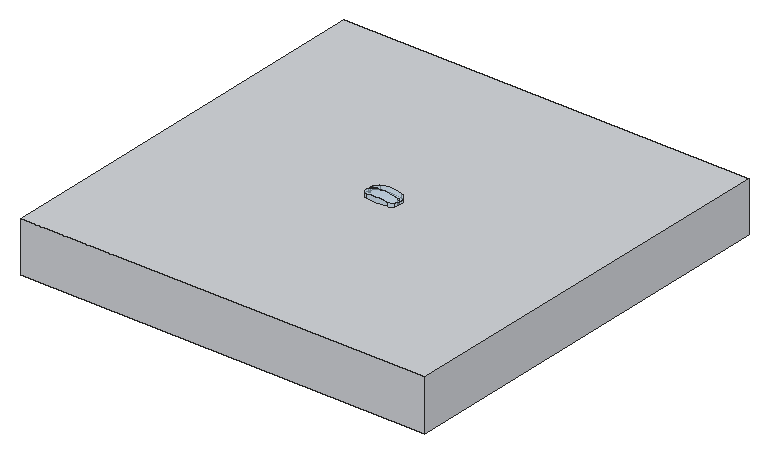
Revit family "GALAD Блистер LED", category Осветительные приборы, Revit 2018 (continued)
Types (3, lengths in mm): name | Файл фотометрической сетки | built-in parameter 1150142 | Материал рассеивателя | Материал корпуса | URL | IP | ADSK_Наименование краткое | ADSK_Наименование | ADSK_Марка | ADSK_Код изделия
    04 6.62 6.20 5.92 5.49 5.07 4.51 3.95 3.10 1.55 0.14 0.00 0.14 \r\n287.28 286.72 286.58 285.74 284.19 281.93 279.39 276.30 272.49 268.26 263.61 258.54 252.91 246.85 239.94 232.62 224.73 216.56 207.68 198.52 188.94 179.08 169.21 158.51 147.66 136.95 126.24 115.67 105.25 95.25 85.81 76.79 68.33 60.73 53.82 47.34 41.70 36.63 32.12 28.32 25.08 22.40 19.87 16.63 12.82 9.58 7.89 8.59 10.00 10.71 10.57 10.57 10.29 9.86 9.44 9.02 8.59 8.31 7.89 7.47 7.04 6.62 6.34 5.92 5.49 5.07 4.51 3.95 3.10 1.69 0.28 0.00 0.14 \r\n287.28 286.72 286.58 285.74 284.19 281.93 279.39 276.30 272.49 268.26 263.47 258.40 252.34 245.72 238.96 232.05 223.88 215.71 207.40 198.38 188.94 178.94 168.65 158.08 147.66 136.95 126.10 115.39 105.11 95.25 85.66 76.79 68.62 60.87 53.82 47.48 41.70 36.63 32.26 28.32 25.22 22.54 19.87 16.34 12.68 9.86 8.31 8.59 10.00 10.99 10.85 10.71 10.57 10.14 9.58 9.30 8.88 8.45 8.03 7.61 7.19 6.76 6.34 5.92 5.64 5.07 4.51 3.95 3.24 1.83 0.28 0.00 0.14 \r\n287.28 286.72 286.58 285.74 284.19 281.93 279.54 276.30 272.77 268.69 263.90 258.40 252.48 246.43 239.38 232.05 224.30 215.85 206.83 197.96 188.80 178.94 168.65 158.37 147.66 136.81 126.10 115.53 105.25 95.10 85.66 76.93 68.76 61.01 54.10 47.62 41.99 36.91 32.41 28.60 25.36 22.82 20.15 17.05 13.10 9.58 7.89 8.31 10.14 11.13 10.99 10.85 10.71 10.29 9.72 9.44 8.88 8.45 8.17 7.75 7.19 6.76 6.34 5.92 5.64 5.07 4.51 3.95 3.24 1.83 0.42 0.00 0.14 \r\n287.28 286.72 286.58 285.74 284.19 282.07 279.54 276.15 272.49 268.26 263.47 258.26 252.34 245.72 239.10 231.91 223.88 215.71 206.97 197.82 188.24 178.23 168.09 157.66 147.09 136.25 125.54 114.97 104.54 94.54 85.10 76.22 67.91 60.44 53.40 47.06 41.42 36.35 31.98 28.32 25.22 22.54 19.73 16.34 12.54 9.72 8.03 8.59 10.85 11.55 11.41 11.13 10.85 10.29 9.86 9.44 9.02 8.45 8.03 7.61 7.19 6.76 6.48 6.06 5.64 5.07 4.51 3.95 3.38 1.97 0.42 0.00 0.14 \r\n287.28 286.72 286.58 285.59 284.19 282.07 279.39 276.15 272.35 268.26 263.47 257.98 252.20 245.72 238.96 231.35 223.74 215.29 206.55 197.53 187.95 177.95 167.81 157.38 146.81 135.82 124.97 114.55 103.98 94.12 84.82 75.94 67.77 60.16 53.12 46.78 41.14 36.21 31.84 28.04 24.94 22.26 19.73 16.63 12.82 9.72 8.17 8.88 11.13 11.69 11.55 11.27 10.99 10.43 10.00 9.44 9.02 8.45 8.03 7.61 7.19 6.90 6.48 6.06 5.64 5.07 4.51 3.95 3.38 2.11 0.56 0.00 0.14 \r\n287.28 286.72 286.58 285.59 284.19 281.93 279.25 276.30 272.77 268.26 263.61 258.40 252.34 246.28 239.52 232.20 224.30 215.85 207.12 197.68 187.95 177.95 167.67 157.10 146.25 135.54 124.97 114.41 103.84 93.84 84.40 75.52 67.35 59.88 52.98 46.64 41.00 36.07 31.70 28.04 24.94 22.12 19.30 16.06 12.68 10.14 8.45 9.02 11.27 11.69 11.41 11.27 10.85 10.43 10.00 9.58 9.02 8.59 8.17 7.61 7.19 6.76 6.48 6.06 5.64 5.07 4.51 3.95 3.38 2.25 0.70 0.00 0.14 \r\n287.28 286.72 286.58 285.59 284.19 281.93 279.39 276.30 272.91 268.69 264.18 258.82 252.77 246.14 238.96 231.63 223.88 215.57 206.69 197.39 187.53 177.67 167.24 156.68 146.11 135.26 124.41 113.70 103.42 93.55 84.26 75.52 67.21 59.74 52.84 46.50 40.86 35.79 31.42 27.76 24.66 22.12 19.44 16.48 12.82 9.72 8.74 9.72 11.69 11.69 11.41 11.27 10.99 10.43 10.00 9.44 8.88 8.45 8.03 7.61 7.19 6.76 6.34 5.92 5.64 5.07 4.51 3.95 3.38 2.40 0.85 0.00 0.14 \r\n287.28 286.72 286.58 285.59 284.19 282.21 279.82 276.72 272.91 268.69 264.18 258.82 252.77 246.00 238.82 231.77 223.88 215.15 206.41 197.25 187.67 177.67 167.38 156.82 145.97 134.98 124.41 113.70 103.42 93.27 83.83 75.10 66.93 59.32 52.27 46.07 40.44 35.51 31.28 27.47 24.52 21.98 19.44 16.63 13.39 10.57 9.30 10.29 11.98 11.84 11.55 11.27 10.99 10.43 9.86 9.44 8.88 8.45 8.03 7.61 7.19 6.76 6.34 5.92 5.49 5.07 4.51 3.95 3.52 2.40 0.99 0.00 0.14 \r\n287.28 286.72 286.58 285.59 284.33 282.49 280.10 277.00 273.05 268.69 263.76 258.40 252.34 246.00 239.10 231.35 223.46 215.01 205.99 196.69 187.11 176.96 166.82 156.11 145.54 134.84 123.85 113.28 102.85 92.85 83.27 74.53 66.50 58.89 51.99 45.79 40.16 35.22 30.86 27.19 24.23 21.70 19.16 16.34 13.53 11.27 10.43 11.27 12.54 12.12 11.69 11.41 10.99 10.43 9.86 9.30 8.88 8.45 8.03 7.47 7.04 6.76 6.34 5.92 5.49 5.07 4.51 3.95 3.52 2.54 1.13 0.00 0.14 \r\n287.28 286.72 286.58 285.74 284.47 282.64 280.10 277.00 273.05 268.55 263.61 257.98 251.92 245.30 238.25 230.93 222.90 214.44 205.57 196.27 186.69 176.68 166.12 155.69 145.12 133.99 123.28 112.72 102.29 92.29 83.13 74.11 65.94 58.33 51.43 45.09 39.59 34.80 30.43 26.91 23.95 21.42 19.16 16.63 13.81 11.55 10.99 11.69 12.40 12.12 11.69 11.41 10.99 10.43 9.86 9.30 8.74 8.31 7.89 7.47 7.04 6.76 6.34 5.92 5.49 5.07 4.51 3.95 3.52 2.68 1.27 0.14 0.14 \r\n287.28 286.72 286.58 285.88 284.61 282.78 279.96 276.72 273.05 268.41 263.47 257.70 251.64 245.16 238.11 230.65 222.47 213.88 205.57 196.41 186.40 176.26 165.69 155.13 144.42 133.43 122.86 112.01 101.59 91.72 82.28 73.55 65.38 57.91 51.00 44.66 39.17 34.24 30.01 26.49 23.53 20.99 18.60 16.06 13.53 11.84 11.55 12.26 12.68 12.26 11.84 11.55 10.99 10.29 9.72 9.16 8.74 8.31 7.89 7.47 7.04 6.62 6.34 5.92 5.49 4.93 4.51 3.95 3.52 2.82 1.27 0.14 0.14 \r\n287.28 286.72 286.58 286.02 284.75 282.78 279.82 276.58 272.91 268.12 263.05 257.56 251.36 244.73 237.83 230.22 222.19 213.60 204.72 195.70 185.70 175.56 165.55 154.84 143.85 133.15 122.44 111.59 101.02 91.16 81.72 72.84 64.67 57.20 50.30 44.10 38.46 33.67 29.45 25.92 23.11 20.71 18.32 16.06 13.81 12.40 12.26 12.68 12.54 12.12 11.69 11.41 10.85 10.14 9.58 9.02 8.45 8.17 7.75 7.33 7.04 6.62 6.34 5.92 5.49 4.93 4.37 3.95 3.52 2.82 1.41 0.14 0.14 \r\n287.28 286.58 286.58 286.02 284.89 282.78 279.68 276.30 272.49 267.84 262.77 257.27 251.22 244.88 237.83 230.08 221.91 213.32 204.30 194.86 185.14 175.41 164.85 154.14 143.43 132.44 121.59 111.03 100.60 90.60 81.16 72.42 64.25 56.64 49.74 43.54 38.04 33.25 29.02 25.50 22.68 20.29 18.18 15.92 13.95 12.68 12.54 12.96 12.68 12.12 11.69 11.27 10.71 10.14 9.58 8.88 8.45 8.03 7.75 7.33 6.90 6.62 6.20 5.92 5.35 4.93 4.37 3.95 3.52 2.96 1.55 0.28 0.14 \r\n287.28 286.58 286.72 286.16 284.75 282.49 279.54 276.15 271.93 267.56 262.49 256.85 250.79 244.31 237.27 229.66 221.35 212.89 204.16 194.86 185.14 175.13 164.71 153.86 143.01 132.02 121.03 110.32 100.04 89.89 80.45 71.72 63.40 55.65 48.89 42.69 37.20 32.41 28.32 24.94 22.12 19.87 17.75 15.78 14.37 13.53 13.39 13.24 12.68 11.98 11.55 11.13 10.43 9.86 9.30 8.74 8.31 7.89 7.61 7.19 6.90 6.48 6.20 5.78 5.35 4.93 4.37 3.95 3.52 2.96 1.69 0.28 0.14 \r\n287.28 286.58 286.72 286.16 284.61 282.21 279.39 275.87 271.79 267.28 262.21 256.85 250.51 243.89 236.99 229.10 221.21 212.75 203.73 194.44 184.43 174.29 163.86 153.15 142.59 131.60 120.75 109.90 99.33 89.33 79.89 70.87 62.70 55.23 48.47 42.27 36.63 31.98 27.90 24.52 21.70 19.44 17.61 15.92 14.51 13.67 13.53 13.39 12.68 11.98 11.41 10.71 10.14 9.44 8.88 8.45 8.03 7.75 7.47 7.19 6.76 6.48 6.20 5.78 5.35 4.79 4.37 3.80 3.52 3.10 1.83 0.42 0.14 \r\n287.28 286.58 286.72 286.16 284.33 281.93 279.11 275.73 271.79 267.28 262.06 256.57 250.37 243.47 236.28 229.10 220.78 212.05 203.17 193.59 183.87 174.01 163.58 152.73 141.88 130.75 119.62 109.19 98.63 88.62 78.90 70.02 61.85 54.39 47.34 41.14 35.79 31.14 27.05 23.81 21.13 19.02 17.33 15.78 14.65 14.09 13.95 13.67 12.96 12.26 11.41 10.57 9.72 9.02 8.45 8.03 7.75 7.47 7.19 6.90 6.62 6.34 6.06 5.64 5.21 4.79 4.37 3.80 3.52 3.10 1.97 0.42 0.14 \r\n287.28 286.58 286.86 286.16 284.33 281.79 278.97 275.73 271.65 267.28 261.92 256.15 250.09 243.33 236.14 228.67 220.64 212.05 202.75 193.45 183.59 173.44 163.02 152.31 141.46 130.47 119.34 108.49 98.06 87.92 78.34 69.60 61.29 53.68 46.78 40.58 35.22 30.57 26.63 23.25 20.71 18.46 16.91 15.64 14.65 14.09 14.09 13.53 12.82 11.98 11.27 10.29 9.44 8.59 8.03 7.61 7.47 7.19 7.04 6.76 6.48 6.34 5.92 5.64 5.21 4.79 4.23 3.80 3.52 3.10 1.97 0.56 0.14 \r\n287.28 286.58 286.86 286.30 284.33 281.79 278.83 275.59 271.50 266.86 261.64 255.87 249.67 243.04 235.86 228.25 220.08 211.48 202.33 192.74 183.02 172.88 162.31 151.60 140.75 129.91 118.77 107.78 97.22 87.21 77.63 68.47 60.30 52.69 45.65 39.59 34.24 29.59 25.78 22.54 20.01 18.03 16.48 15.36 14.51 14.23 14.09 13.53 12.82 11.98 11.27 10.29 9.30 8.31 7.75 7.33 7.04 6.90 6.76 6.62 6.34 6.20 5.92 5.49 5.07 4.65 4.23 3.80 3.52 3.24 2.11 0.56 0.14 \r\n287.28 286.58 287.00 286.30 284.33 281.79 278.69 275.31 271.22 266.57 261.50 255.58 249.67 242.76 235.15 227.69 219.37 210.78 201.90 192.60 182.60 172.31 161.89 151.04 139.91 128.92 117.93 106.94 96.65 86.37 76.79 67.91 59.60 51.85 45.09 39.03 33.67 29.02 25.08 21.98 19.44 17.47 15.92 14.93 14.37 14.23 14.23 13.39 12.54 11.84 10.85 9.86 8.88 7.89 7.33 6.90 6.62 6.48 6.34 6.34 6.20 5.92 5.78 5.35 5.07 4.65 4.23 3.80 3.52 3.24 2.25 0.70 0.14 \r\n287.28 286.58 287.00 286.30 284.19 281.65 278.41 275.03 270.94 266.29 261.08 255.30 249.10 242.48 235.01 227.26 218.95 210.50 201.34 191.76 182.04 171.75 161.32 150.62 139.77 128.50 117.37 106.52 95.67 85.52 75.80 66.78 58.61 50.86 43.96 37.90 32.55 28.04 24.23 21.13 18.74 16.77 15.36 14.51 14.09 14.23 13.95 13.24 12.54 11.69 10.71 9.72 8.59 7.75 6.90 6.62 6.34 6.20 6.06 6.06 5.92 5.78 5.49 5.21 4.93 4.65 4.23 3.80 3.52 3.24 2.25 0.70 0.14 \r\n287.28 286.72 287.00 286.16 284.04 281.51 278.27 274.89 270.80 266.01 260.80 254.88 248.54 242.06 234.73 226.98 218.67 210.22 200.78 191.05 181.33 171.33 160.62 149.77 138.64 127.79 116.66 105.67 95.10 84.82 75.10 66.08 57.63 50.02 43.11 36.91 31.70 27.19 23.53 20.43 18.03 16.20 14.79 14.09 13.95 14.09 13.67 12.96 12.12 11.27 10.29 9.16 8.17 7.33 6.76 6.34 6.06 5.78 5.78 5.64 5.64 5.64 5.35 5.07 4.79 4.51 4.09 3.80 3.52 3.38 2.40 0.70 0.14 \r\n287.28 286.72 287.14 286.02 284.04 281.37 278.27 274.75 270.66 265.87 260.66 254.60 248.40 241.35 234.17 226.42 218.11 209.51 200.35 190.77 180.77 170.76 160.06 149.07 137.94 126.95 115.67 104.83 94.26 83.97 74.25 65.09 56.64 48.89 41.99 35.93 30.72 26.35 22.68 19.73 17.33 15.50 14.23 13.67 13.67 13.81 13.39 12.54 11.69 10.85 9.86 8.74 7.89 7.04 6.48 6.06 5.64 5.49 5.35 5.35 5.35 5.35 5.21 4.93 4.65 4.37 4.09 3.80 3.66 3.38 2.54 0.85 0.14 \r\n287.28 286.72 287.14 285.88 283.90 281.37 278.13 274.60 270.52 265.59 260.51 254.60 248.26 241.21 233.89 226.14 217.82 208.95 199.93 190.49 180.06 169.92 159.63 148.79 137.65 126.52 115.39 104.26 93.55 83.27 73.41 64.25 55.94 48.19 41.28 35.22 30.01 25.50 21.98 19.02 16.63 14.79 13.67 13.10 13.39 13.39 12.96 12.40 11.55 10.43 9.44 8.31 7.47 6.76 6.34 5.78 5.35 5.07 5.07 5.07 5.07 5.07 4.93 4.79 4.65 4.37 4.09 3.80 3.66 3.38 2.54 0.85 0.14 \r\n287.28 286.72 287.14 285.88 283.90 281.23 277.99 274.46 270.24 265.31 260.09 254.46 247.98 241.07 233.89 226.28 217.68 208.81 199.65 190.07 180.06 169.92 159.35 148.36 137.23 126.10 114.83 103.70 92.99 82.56 72.56 63.40 54.95 47.06 40.16 34.10 29.02 24.66 20.99 18.18 15.92 14.23 13.10 12.82 13.10 12.96 12.54 11.84 10.99 10.00 8.88 7.89 7.04 6.48 6.06 5.49 5.07 4.79 4.79 4.79 4.79 4.79 4.79 4.65 4.51 4.23 4.09 3.80 3.66 3.38 2.68 0.99 0.14 \r\n287.28 286.72 287.00 285.74 283.90 281.09 277.85 274.32 270.10 265.31 259.95 254.17 247.55 240.65 233.60 225.85 217.26 208.38 199.23 189.50 179.64 169.36 158.65 147.80 136.67 125.40 114.27 102.99 92.15 81.72 71.72 62.56 53.96 46.35 39.17 33.25 28.04 23.81 20.29 17.47 15.22 13.53 12.54 12.54 12.68 12.40 11.84 11.27 10.29 9.30 8.31 7.47 6.76 6.34 5.78 5.35 4.93 4.51 4.37 4.37 4.51 4.51 4.51 4.51 4.37 4.23 4.09 3.80 3.66 3.38 2.68 0.99 0.14 \r\n287.28 286.86 287.00 285.74 283.76 280.80 277.56 274.18 270.10 265.16 259.67 253.89 247.41 240.51 233.18 225.01 216.56 207.68 198.66 188.94 178.94 168.51 157.94 146.67 135.96 124.55 113.00 102.01 91.02 80.73 70.59 61.29 52.69 45.09 38.04 32.12 27.05 22.82 19.30 16.63 14.37 12.82 12.12 12.26 12.12 11.84 11.27 10.57 9.72 8.59 7.75 7.04 6.48 5.92 5.49 5.07 4.65 4.23 4.09 4.09 4.09 4.23 4.37 4.23 4.23 4.09 4.09 3.95 3.66 3.38 2.82 0.99 0.14 \r\n287.28 286.86 287.00 285.74 283.62 280.80 277.56 274.04 269.81 264.88 259.39 253.47 247.13 240.23 232.62 224.59 216.13 207.26 198.24 188.52 178.37 167.95 157.24 146.39 135.26 123.99 112.58 101.59 90.60 79.89 70.02 60.58 52.13 44.24 37.34 31.28 26.21 21.98 18.46 15.78 13.53 11.98 11.55 11.69 11.69 11.27 10.57 9.86 8.88 8.03 7.19 6.62 6.20 5.64 5.21 4.79 4.37 3.95 3.80 3.80 3.80 3.95 4.09 4.09 4.09 4.09 3.95 3.95 3.66 3.52 2.82 1.13 0.14 \r\n287.28 286.86 287.00 285.74 283.62 280.94 277.70 274.04 269.67 264.74 259.25 253.05 246.57 239.66 232.20 224.30 215.85 206.97 197.82 188.09 177.81 167.67 156.96 145.83 134.55 123.42 112.01 100.74 89.61 79.18 69.04 59.74 51.00 43.11 36.21 30.29 25.08 20.99 17.61 14.93 12.82 11.55 11.27 11.27 11.13 10.71 10.00 9.02 8.17 7.33 6.76 6.34 5.78 5.35 4.93 4.51 4.09 3.66 3.38 3.38 3.52 3.66 3.80 3.95 3.95 3.95 3.95 3.95 3.66 3.52 2.96 1.13 0.14 \r\n287.28 286.86 287.00 285.59 283.62 280.94 277.56 274.04 269.39 264.46 259.11 252.77 246.28 239.52 232.20 223.88 215.57 206.55 197.39 187.67 177.39 167.24 156.53 145.40 134.13 122.86 111.45 100.04 88.76 78.34 68.33 58.75 50.16 42.27 35.36 29.45 24.37 20.15 16.77 13.95 11.84 10.85 10.71 10.71 10.57 10.14 9.16 8.17 7.33 6.90 6.48 5.92 5.49 5.07 4.65 4.23 3.80 3.52 3.24 3.10 3.24 3.38 3.52 3.80 3.95 3.95 3.95 3.95 3.66 3.52 2.96 1.13 0.14 \r\n287.28 287.00 287.00 285.59 283.62 280.94 277.28 273.76 269.25 264.04 258.97 252.77 246.14 239.38 232.05 223.46 215.01 206.13 196.97 187.25 177.11 166.68 155.69 144.70 133.57 122.30 110.74 99.47 88.34 77.49 67.35 57.77 49.17 41.28 34.38 28.32 23.39 19.16 15.92 13.10 11.27 10.43 10.14 10.14 10.00 9.44 8.45 7.47 6.90 6.34 5.92 5.49 5.07 4.65 4.23 3.95 3.52 3.24 2.96 2.82 2.82 3.10 3.38 3.66 3.80 3.95 3.95 3.95 3.66 3.52 3.10 1.13 0.14 \r\n287.28 287.00 287.00 285.59 283.62 280.80 277.28 273.34 269.25 263.76 258.54 252.62 245.86 239.10 231.63 223.18 214.58 205.85 196.69 186.69 176.54 166.12 155.13 144.14 133.00 121.45 110.04 98.63 87.50 76.79 66.64 57.06 48.33 40.44 33.53 27.47 22.54 18.32 14.93 12.26 10.43 9.86 9.72 9.58 9.16 8.59 7.75 6.76 6.20 5.78 5.49 5.07 4.65 4.23 3.95 3.52 3.24 2.96 2.68 2.54 2.54 2.82 3.10 3.52 3.80 3.95 3.95 3.95 3.66 3.52 3.10 1.13 0.14 \r\n287.28 287.00 287.00 285.59 283.48 280.80 277.28 273.34 269.39 264.18 258.40 252.34 245.86 238.82 231.21 223.18 214.30 205.57 196.13 186.40 175.98 165.55 154.98 143.57 132.58 120.89 109.48 98.20 86.65 75.94 65.80 56.22 47.48 39.45 32.55 26.63 21.70 17.47 14.09 11.41 9.86 9.16 9.02 8.88 8.31 7.75 7.19 6.34 5.64 5.35 4.93 4.65 4.23 3.95 3.52 3.24 2.96 2.68 2.40 2.25 2.25 2.54 2.96 3.38 3.80 3.95 3.95 3.95 3.80 3.52 3.24 1.13 0.14 \r\n287.28 287.00 287.00 285.59 283.48 280.66 277.14 273.34 269.11 264.04 258.40 252.06 245.86 238.39 230.65 222.90 214.16 205.00 195.56 185.98 175.70 164.99 154.14 143.29 132.02 120.47 108.77 97.36 86.23 75.24 64.95 55.37 46.64 38.75 31.70 25.78 20.71 16.63 13.10 10.43 9.16 8.74 8.45 8.03 7.47 7.04 6.62 5.78 5.07 4.79 4.51 4.09 3.80 3.52 3.24 2.96 2.68 2.40 2.11 1.97 2.11 2.40 2.82 3.38 3.66 3.95 3.95 3.95 3.80 3.52 3.24 1.27 0.14 \r\n287.28 287.14 287.00 285.59 283.34 280.52 277.00 273.20 268.83 263.61 258.26 251.78 245.44 238.11 230.36 222.33 213.74 204.86 195.14 185.56 175.27 164.57 153.58 142.44 131.17 119.90 108.35 96.79 85.66 74.53 63.97 54.53 45.65 37.90 30.86 24.94 20.01 15.78 12.12 9.72 8.74 8.17 7.61 7.04 6.76 6.48 6.06 5.35 4.51 4.23 3.95 3.66 3.38 3.10 2.82 2.54 2.40 2.11 1.97 1.83 1.97 2.40 2.82 3.24 3.66 3.95 3.95 3.95 3.80 3.52 3.38 1.27 0.14 \r\n287.28 287.14 287.00 285.45 283.34 280.52 276.86 273.05 268.83 263.76 257.98 251.64 245.02 237.97 230.36 221.91 213.46 204.44 194.86 185.00 174.85 164.42 153.01 142.44 130.89 119.34 107.50 96.09 84.82 73.97 63.40 53.96 44.95 37.34 30.15 24.23 19.16 14.79 11.27 9.16 8.17 7.33 6.76 6.34 6.20 5.92 5.49 4.79 4.09 3.66 3.38 3.24 2.96 2.68 2.54 2.25 2.11 1.97 1.83 1.69 1.83 2.25 2.68 3.24 3.66 3.95 3.95 3.95 3.80 3.66 3.38 1.27 0.14 \r\n287.28 287.14 287.00 285.45 283.34 280.66 276.86 273.05 268.83 263.61 257.98 251.78 244.73 237.55 230.36 221.91 213.32 204.16 194.72 184.43 174.57 164.00 152.87 141.74 130.05 118.77 107.08 95.67 84.11 73.12 62.84 53.12 44.38 36.49 29.45 23.53 18.46 13.81 10.29 8.59 7.61 6.62 6.06 5.78 5.49 5.21 4.93 4.37 3.52 3.24 2.96 2.82 2.54 2.40 2.25 2.11 1.97 1.83 1.69 1.55 1.69 2.
